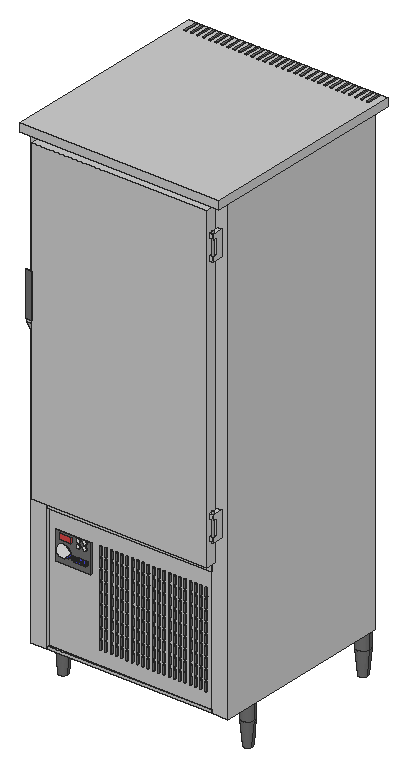
Revit family "QF_ACFRI_RS75-RL.190709093100", category Specialty Equipment, Revit 2016 (continued)
Definition of nested family "QF_ACFRI_RS75-RL_230V_1Ph_50Hz"
  Forms (mm)
    Extrusion 5, solid
      sketch origin (0, -746.05, -119.991) x (1, 0, 0) y (0, 0, 1)
        loop
          arc (581.229, 467.546) -> (584.729, 464.046) -> (588.229, 467.546) r 3.5
          line (588.229, 467.546) -> (588.229, 494.546)
          arc (588.229, 494.546) -> (584.729, 498.046) -> (581.229, 494.546) r 3.5
        loop
          line (601.229, 494.546) -> (601.229, 467.546)
          arc (601.229, 467.546) -> (604.729, 464.046) -> (608.229, 467.546) r 3.5
          line (608.229, 467.546) -> (608.229, 494.546)
          arc (608.229, 494.546) -> (604.729, 498.046) -> (601.229, 494.546) r 3.5
        loop
          line (621.229, 494.546) -> (621.229, 467.546)
          arc (621.229, 467.546) -> (624.729, 464.046) -> (628.229, 467.546) r 3.5
          line (628.229, 467.546) -> (628.229, 494.546)
          arc (628.229, 494.546) -> (624.729, 498.046) -> (621.229, 494.546) r 3.5
        loop
          line (641.229, 494.546) -> (641.229, 467.546)
          arc (641.229, 467.546) -> (644.729, 464.046) -> (648.229, 467.546) r 3.5
          line (648.229, 467.546) -> (648.229, 494.546)
          arc (648.229, 494.546) -> (644.729, 498.046) -> (641.229, 494.546) r 3.5
        loop
          line (661.229, 494.546) -> (661.229, 467.546)
          arc (661.229, 467.546) -> (664.729, 464.046) -> (668.229, 467.546) r 3.5
          line (668.229, 467.546) -> (668.229, 494.546)
          arc (668.229, 494.546) -> (664.729, 498.046) -> (661.229, 494.546) r 3.5
      from 0 to 2
    Extrusion 6, solid
      sketch origin (-327.449, -51.57, -49) x (1, 0, 0) y (0, 0, 1)
        loop
          circle (377.449, 99) r 5
      from 0 to 5
    Extrusion 7, solid
      sketch origin (686.444, 0, -150) x (0, 1, 0) y (0, 0, 1)
        loop
          line (-56.57, 1903.957) -> (-752.05, 1903.957) -> (-752.05, 150) -> (-56.57, 150) -> (-56.57, 1903.957)
      from 3.267 to 65.187
    Extrusion 8, solid
      sketch origin (0, 0, -51) x (0, 1, 0) y (0, 0, 1)
        loop
          line (-752.05, 1804.957) -> (-752.05, 1768.419) -> (-126.332, 1768.419) -> (-126.332, 593.419) -> (-752.05, 593.419) -> (-752.05, 531.284) -> (-747.05, 531.284) -> (-747.05, 61) -> (-752.05, 61) -> (-752.05, 51) -> (-56.57, 51) -> (-56.57, 1804.957) -> (-752.05, 1804.957)
      from 65.187 to 689.711
  Lines and regions (mm)
    symbolic lines
      curve 1: line (0, 0, 0) -> (755, 0, 0)
      curve 2: line (0, -800, 0) -> (0, 0, 0)
      curve 3: line (755, -800, 0) -> (0, -800, 0)
      curve 4: line (755, 0, 0) -> (755, -800, 0)
  Dimensions and locks
    plane 3 "Left" to plane 4 "Right" = 755 mm
    plane 5 "Front" to plane 1 "Back" = 800 mm
    plane 6 "Top" to level = 1784.917 mm
    aligned and locked: level to plane 2
  Connectors
    electrical at (50, -51.57, 50)
      settings: on Extrusion 6, index 1, voltage 0 V, apparent load 0 VA, apparent load phase1 0 VA, apparent load phase2 0 VA, apparent load phase3 0 VA, power factor 1, load classification none, number of poles 1, system type 31, power factor state 1, is connector primary yes, connector utility no, sub classification motor no, connector description "Electrical connection"
Definition of nested family "QF_ACFRI_RS60_75_DOOR_RX"
  Parameters (values of type "RS60_75_DOOR_RX")
    URL catalogue [instance] = ""
    URL = "www.acfri.com"
    Status [instance] = ""
    Spécification technique [instance] = ""
    Spécification du Fabricant [instance] = ""
    Spécification de l'Utilisateur [instance] = ""
    Show Logo [instance] = yes
    Show Clearance [instance] = yes
    SMACNA No spécifique pour les matériaux  Etats Unis [instance] = ""
    Quantité par lot [instance] = no
    Profondeur hors tout [instance] = 40 mm
    Poids net à vide [instance] = 0.00 kg
    Numéro de Série [instance] = ""
    Nombre d'identification NAFEM [instance] = ""
    Model = "RS60_75_DOOR_RX"
    Manufacturer = "ACFRI"
    Longueur hors tout [instance] = 699 mm
    Installé Par [instance] = ""
    Identifiant Equipement [instance] = no
    Hauteur hors tout [instance] = 1213 mm
    Fournis Par [instance] = ""
    Description = "PORTE AVEC OUVERTURE DROITE"
    Cost = 0
    Code de Révision [instance] = ""
    Classification dans le projet [instance] = ""
    Classement sismique [instance] = ""
    Assembly Code = "E1090320"
    Accessoires [instance] = yes
  Reference planes
    plane 1 "Back": y = 0
    plane 2: z = 0
    plane 3 "Left": x = 0
    plane 4 "Right": x = 755
    plane 5 "Front": y = -800
    plane 6 "Top": z = 1784.917
  Forms (mm)
    Extrusion 1, solid
      sketch origin (0, -100, 372.879) x (1, 0, 0) y (0, 0, 1)
        loop
          line (44.706, 1362.182) -> (44.706, 149.234) -> (710.163, 149.234) -> (710.163, 1362.182) -> (44.706, 1362.182)
      from 662.15 to 699.95
    Extrusion 2, solid
      sketch origin (0, -100, 904.932) x (0, 1, 0) y (0, 0, 1)
        loop
          line (-693, 736.96) -> (-678, 736.96) -> (-678, 677.386) -> (-693, 677.386) -> (-693, 660.173) -> (-652, 660.173) -> (-652, 754.173) -> (-693, 754.173) -> (-693, 736.96)
      from 711.246 to 729.246
    Extrusion 3, solid
      sketch origin (0, -100, 904.932) x (1, 0, 0) y (0, 1, 0)
        loop
          circle (720.083, -687.465) r 3
      from 656.173 to 760.173
    Extrusion 4, solid
      sketch origin (0, -100, -49.121) x (0, 1, 0) y (0, 0, 1)
        loop
          line (-693, 736.96) -> (-678, 736.96) -> (-678, 677.386) -> (-693, 677.386) -> (-693, 660.173) -> (-652, 660.173) -> (-652, 754.173) -> (-693, 754.173) -> (-693, 736.96)
      from 711.246 to 729.246
    Extrusion 5, solid
      sketch origin (0, -100, -49.121) x (1, 0, 0) y (0, 1, 0)
        loop
          circle (720.083, -687.465) r 3
      from 656.173 to 760.173
    Extrusion 6, solid
      sketch origin (1239.958, -61.439, 529.336) x (0, -1, 0) y (0, 0, 1)
        loop
          line (690.561, 693.865) -> (690.561, 557.787) -> (720.711, 557.787) -> (734.263, 585.818) -> (734.263, 665.818) -> (720.711, 693.865) -> (690.561, 693.865)
      from 1195.252 to 1218.714
    Extrusion 7, solid
      sketch origin (1239.958, -61.439, 529.336) x (0, -1, 0) y (0, 0, 1)
        loop
          line (734.263, 766.818) -> (734.263, 600.329) -> (738.561, 600.329) -> (738.561, 766.818) -> (734.263, 766.818)
      from 1195.252 to 1218.714
    Extrusion 8, solid, visible <- "Show Clearance", detail levels coarse
      sketch origin (0, -100, 372.879) x (1, 0, 0) y (0, 1, 0)
        loop
          line (720.246, -700) -> (21.244, -700)
          arc (21.244, -700) -> (212.032, -1179.918) -> (680.246, -1397.856) r 699.001
          line (680.246, -1397.856) -> (720.246, -1397.856) -> (720.246, -700)
      from 149.234 to 1362.182
  Lines and regions (mm)
    symbolic lines, visible <- "Show Clearance"
      curve 1: arc (21.244, -800, 0) -> (212.032, -1279.918, 0) -> (680.246, -1497.856, 0) r 699.001
      curve 2: line (720.246, -1497.856, 0) -> (720.246, -800, 0)
      curve 3: line (680.246, -1497.856, 0) -> (680.246, -800, 0)
      curve 4: line (680.246, -1497.856, 0) -> (720.246, -1497.856, 0)
  Dimensions and locks
    plane 3 "Left" to plane 4 "Right" = 755 mm
    plane 5 "Front" to plane 1 "Back" = 800 mm
    plane 6 "Top" to level = 1784.917 mm
    aligned and locked: level to plane 2
Definition of nested family "QF_ACFRI_RS12_15_20_LEGS"
  Parameters (values of type "RS12_15_20_LEGS")
    URL catalogue [instance] = ""
    URL = "www.acfri.com"
    Status [instance] = ""
    Spécification technique [instance] = ""
    Spécification du Fabricant [instance] = ""
    Spécification de l'Utilisateur [instance] = ""
    Show Logo [instance] = yes
    Show Clearance [instance] = yes
    SMACNA No spécifique pour les matériaux  Etats Unis [instance] = ""
    Quantité par lot [instance] = no
    Profondeur hors tout [instance] = 700 mm
    Poids net à vide [instance] = 0.00 kg
    Numéro de Série [instance] = ""
    Nombre d'identification NAFEM [instance] = ""
    Model = "RS12_15_20_LEGS"
    Manufacturer = "ACFRI"
    Longueur hors tout [instance] = 755 mm
    Installé Par [instance] = ""
    Identifiant Equipement [instance] = no
    Hauteur hors tout [instance] = 150 mm
    Fournis Par [instance] = ""
    Description = "JAMBES STANDARD"
    Cost = 0
    Code de Révision [instance] = ""
    Classification dans le projet [instance] = ""
    Classement sismique [instance] = ""
    Assembly Code = "E1090320"
    Accessoires [instance] = yes
  Reference planes
    plane 1 "Back": y = 0
    plane 2: z = 0
    plane 3 "Left": x = 0
    plane 4 "Right": x = 755
    plane 5 "Front": y = -700
    plane 6 "Top": z = 150
  Forms (mm)
    Revolve 1, solid
      sketch origin (0, -81.07, 0) x (1, 0, 0) y (0, 0, 1)
        loop
          line (27.767, 150) -> (27.767, 0) -> (43.973, 0) -> (52.267, 93.06) -> (52.267, 150) -> (27.767, 150)
        axis (27.767, 150) -> (27.767, 0)
      angle from 0 to 360
    Revolve 2, solid
      sketch origin (699.364, -81.07, 0) x (1, 0, 0) y (0, 0, 1)
        loop
          line (27.767, 150) -> (27.767, 0) -> (43.973, 0) -> (52.267, 93.06) -> (52.267, 150) -> (27.767, 150)
        axis (27.767, 150) -> (27.767, 0)
      angle from 0 to 360
    Revolve 3, solid
      sketch origin (0, -627.5, 0) x (1, 0, 0) y (0, 0, 1)
        loop
          line (27.767, 150) -> (27.767, 0) -> (43.973, 0) -> (52.267, 93.06) -> (52.267, 150) -> (27.767, 150)
        axis (27.767, 150) -> (27.767, 0)
      angle from 0 to 360
    Revolve 4, solid
      sketch origin (699.364, -627.5, 0) x (1, 0, 0) y (0, 0, 1)
        loop
          line (27.767, 150) -> (27.767, 0) -> (43.973, 0) -> (52.267, 93.06) -> (52.267, 150) -> (27.767, 150)
        axis (27.767, 150) -> (27.767, 0)
      angle from 0 to 360
  Dimensions and locks
    plane 3 "Left" to plane 4 "Right" = 755 mm
    plane 5 "Front" to plane 1 "Back" = 700 mm
    plane 6 "Top" to level = 150 mm
    aligned and locked: level to plane 2
Definition of nested family "QF_ACFRI_RS25_30_40-CP"
  Parameters (values of type "RS25_30_40-CP")
    URL catalogue [instance] = ""
    URL = "www.acfri.com"
    Status [instance] = ""
    Spécification technique [instance] = ""
    Spécification du Fabricant [instance] = ""
    Spécification de l'Utilisateur [instance] = ""
    Show Logo [instance] = yes
    Show Clearance [instance] = yes
    SMACNA No spécifique pour les matériaux  Etats Unis [instance] = ""
    Quantité par lot [instance] = no
    Profondeur hors tout [instance] = 2 mm
    Poids net à vide [instance] = 0.00 kg
    Numéro de Série [instance] = ""
    Nombre d'identification NAFEM [instance] = ""
    Model = "CP"
    Manufacturer = "ACFRI"
    Longueur hors tout [instance] = 135 mm
    Installé Par [instance] = ""
    Identifiant Equipement [instance] = no
    Hauteur hors tout [instance] = 110 mm
    Fournis Par [instance] = ""
    Description = "PANNEAU DE COMMANDE STANDARD"
    Cost = 0
    Code de Révision [instance] = ""
    Classification dans le projet [instance] = ""
    Classement sismique [instance] = ""
    Assembly Code = "E1090320"
    Accessoires [instance] = yes
  Reference planes
    plane 1 "Back": y = 0
    plane 2: z = 0
    plane 3 "Left": x = 0
    plane 4 "Right": x = 755
    plane 5 "Front": y = -800
    plane 6 "Top": z = 1255
  Forms (mm)
    Extrusion 1, solid
      sketch origin (0, -746, -39.477) x (1, 0, 0) y (0, 0, 1)
        loop
          line (93.554, 456.477) -> (93.554, 347.31) -> (228.354, 347.31) -> (228.354, 456.477) -> (93.554, 456.477)
      from 0 to 2
    Extrusion 2, solid
      sketch origin (0, -746, -39.477) x (1, 0, 0) y (0, 0, 1)
        loop
          line (108.554, 446.477) -> (108.554, 426.477) -> (153.209, 426.477) -> (153.209, 446.477) -> (108.554, 446.477)
      from 0 to 2.5
    Extrusion 3, solid
      sketch origin (0, -746, -39.477) x (1, 0, 0) y (0, 0, 1)
        loop
          circle (180.595, 446.477) r 7.041
        loop
          circle (205.595, 446.477) r 6.977
        loop
          circle (180.595, 426.477) r 6.969
        loop
          circle (205.595, 426.477) r 6.966
      from 0 to 2.5
    Extrusion 4, solid, visible <- "Show Logo"
      sketch origin (0, -746, -39.477) x (1, 0, 0) y (0, 0, 1)
        loop
          arc (151.176, 389.128) -> (113.283, 410.215) -> (105.005, 367.647) r 26.786
          line (105.005, 367.647) -> (129.695, 367.647) -> (151.176, 389.128)
      from 0 to 2.5
    Extrusion 5, solid, visible <- "Show Logo"
      sketch origin (0, -746, -39.477) x (1, 0, 0) y (0, 0, 1)
        loop
          line (137.376, 372.576) -> (143.877, 372.576) -> (156.132, 384.832) -> (156.132, 379.832) -> (152.402, 379.832) -> (149.546, 376.976) -> (156.132, 376.976) -> (156.132, 372.576) -> (160.352, 372.576) -> (160.352, 387.576) -> (152.376, 387.576) -> (137.376, 372.576)
        loop
          line (161.81, 372.576) -> (170.216, 372.576) -> (175.423, 376.645) -> (167.48, 376.645) -> (167.48, 383.463) -> (176.07, 383.463) -> (181.335, 387.576) -> (166.704, 387.576) -> (161.81, 383.752) -> (161.81, 372.576)
        loop
          line (177.48, 372.576) -> (183.63, 372.576) -> (183.63, 377.576) -> (187.087, 377.576) -> (191.493, 381.273) -> (183.63, 381.273) -> (183.63, 383.421) -> (192.217, 383.421) -> (197.534, 387.576) -> (183.178, 387.576) -> (177.48, 382.794) -> (177.48, 372.576)
        loop
          line (192.329, 372.576) -> (198.443, 372.576) -> (198.443, 377.835) -> (205.681, 372.576) -> (209.279, 372.576) -> (209.279, 376.027) -> (206.884, 378.036) -> (209.279, 379.907) -> (209.279, 387.576) -> (199.004, 387.576) -> (192.329, 381.975) -> (192.329, 372.576)
        loop
          line (198.443, 383.421) -> (198.443, 381.273) -> (203.737, 381.273) -> (203.737, 383.421) -> (198.443, 383.421)
        loop
          line (210.531, 372.576) -> (216.277, 372.576) -> (216.277, 387.576) -> (210.531, 383.086) -> (210.531, 372.576)
        loop
          line (161.81, 371.199) -> (161.81, 366.993) -> (210.016, 366.993) -> (216.252, 371.199) -> (161.81, 371.199)
      from 0 to 2.5
  Dimensions and locks
    plane 3 "Left" to plane 4 "Right" = 755 mm
    plane 5 "Front" to plane 1 "Back" = 800 mm
    plane 6 "Top" to level = 1255 mm
    aligned and locked: level to plane 2
